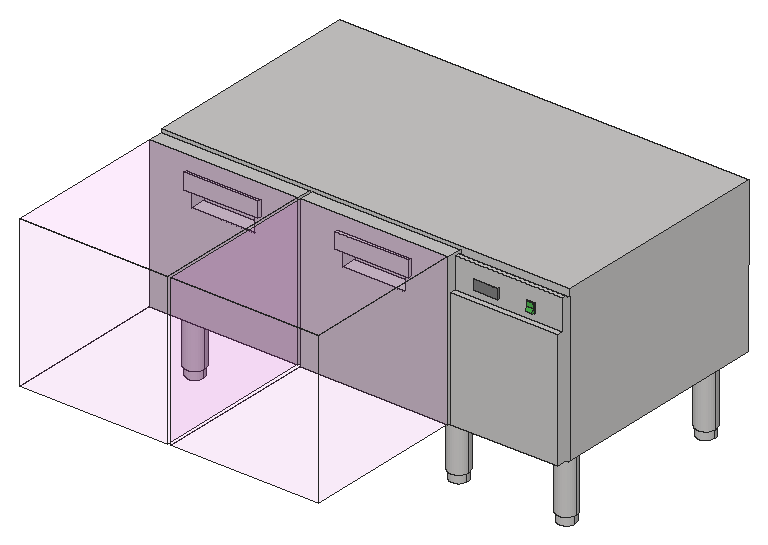
Revit family "QF_ELECTROLUXPROFESSIONAL_371370_E7TTAPCOMIN", category Specialty Equipment, Revit 2018 (continued)
Lines and regions (mm)
  Split face 149
    outline origin (800.396, -348, 142.29) x (0, 0, -1) y (1, 0, 0)
      loop
        arc (-85.025, -242.399) -> (-81.004, -238.41) -> (-85.004, -234.4) r 4
        line (-85.004, -234.4) -> (-117.004, -234.4)
        arc (-117.004, -234.4) -> (-121.004, -238.41) -> (-116.984, -242.399) r 4
        line (-116.984, -242.399) -> (-85.025, -242.399)
  Split face 150
    outline origin (812.396, -348, 142.29) x (0, 0, -1) y (1, 0, 0)
      loop
        arc (-85.025, -242.399) -> (-81.004, -238.41) -> (-85.004, -234.4) r 4
        line (-85.004, -234.4) -> (-117.004, -234.4)
        arc (-117.004, -234.4) -> (-121.004, -238.41) -> (-116.984, -242.399) r 4
        line (-116.984, -242.399) -> (-85.025, -242.399)
  Split face 151
    outline origin (589.5, -348, 142.29) x (0, 0, -1) y (1, 0, 0)
      loop
        arc (-85.025, -282.599) -> (-81.004, -278.61) -> (-85.004, -274.599) r 4
        line (-85.004, -274.599) -> (-117.004, -274.599)
        arc (-117.004, -274.599) -> (-121.004, -278.61) -> (-116.984, -282.599) r 4
        line (-116.984, -282.599) -> (-85.025, -282.599)
  Split face 152
    outline origin (709.396, -348, 412.291) x (0, 0, -1) y (1, 0, 0)
      loop
        arc (-85.025, -282.599) -> (-81.004, -278.61) -> (-85.004, -274.599) r 4
        line (-85.004, -274.599) -> (-117.004, -274.599)
        arc (-117.004, -274.599) -> (-121.004, -278.61) -> (-116.984, -282.599) r 4
        line (-116.984, -282.599) -> (-85.025, -282.599)
  Split face 153
    outline origin (721.397, -348, 412.291) x (0, 0, -1) y (1, 0, 0)
      loop
        arc (-85.025, -282.599) -> (-81.004, -278.61) -> (-85.004, -274.599) r 4
        line (-85.004, -274.599) -> (-117.004, -274.599)
        arc (-117.004, -274.599) -> (-121.004, -278.61) -> (-116.984, -282.599) r 4
        line (-116.984, -282.599) -> (-85.025, -282.599)
  Split face 154
    outline origin (733.396, -348, 412.291) x (0, 0, -1) y (1, 0, 0)
      loop
        arc (-85.025, -282.599) -> (-81.004, -278.61) -> (-85.004, -274.599) r 4
        line (-85.004, -274.599) -> (-117.004, -274.599)
        arc (-117.004, -274.599) -> (-121.004, -278.61) -> (-116.984, -282.599) r 4
        line (-116.984, -282.599) -> (-85.025, -282.599)
  Split face 155
    outline origin (709.396, -348, 367.29) x (0, 0, -1) y (1, 0, 0)
      loop
        arc (-85.025, -282.599) -> (-81.004, -278.61) -> (-85.004, -274.599) r 4
        line (-85.004, -274.599) -> (-117.004, -274.599)
        arc (-117.004, -274.599) -> (-121.004, -278.61) -> (-116.984, -282.599) r 4
        line (-116.984, -282.599) -> (-85.025, -282.599)
  Split face 156
    outline origin (721.397, -348, 367.29) x (0, 0, -1) y (1, 0, 0)
      loop
        arc (-85.025, -282.599) -> (-81.004, -278.61) -> (-85.004, -274.599) r 4
        line (-85.004, -274.599) -> (-117.004, -274.599)
        arc (-117.004, -274.599) -> (-121.004, -278.61) -> (-116.984, -282.599) r 4
        line (-116.984, -282.599) -> (-85.025, -282.599)
  Split face 157
    outline origin (733.396, -348, 367.29) x (0, 0, -1) y (1, 0, 0)
      loop
        arc (-85.025, -282.599) -> (-81.004, -278.61) -> (-85.004, -274.599) r 4
        line (-85.004, -274.599) -> (-117.004, -274.599)
        arc (-117.004, -274.599) -> (-121.004, -278.61) -> (-116.984, -282.599) r 4
        line (-116.984, -282.599) -> (-85.025, -282.599)
  Split face 158
    outline origin (709.396, -348, 322.29) x (0, 0, -1) y (1, 0, 0)
      loop
        arc (-85.025, -282.599) -> (-81.004, -278.61) -> (-85.004, -274.599) r 4
        line (-85.004, -274.599) -> (-117.004, -274.599)
        arc (-117.004, -274.599) -> (-121.004, -278.61) -> (-116.984, -282.599) r 4
        line (-116.984, -282.599) -> (-85.025, -282.599)
  Split face 159
    outline origin (721.397, -348, 322.29) x (0, 0, -1) y (1, 0, 0)
      loop
        arc (-85.025, -282.599) -> (-81.004, -278.61) -> (-85.004, -274.599) r 4
        line (-85.004, -274.599) -> (-117.004, -274.599)
        arc (-117.004, -274.599) -> (-121.004, -278.61) -> (-116.984, -282.599) r 4
        line (-116.984, -282.599) -> (-85.025, -282.599)
  Split face 160
    outline origin (733.396, -348, 322.29) x (0, 0, -1) y (1, 0, 0)
      loop
        arc (-85.025, -282.599) -> (-81.004, -278.61) -> (-85.004, -274.599) r 4
        line (-85.004, -274.599) -> (-117.004, -274.599)
        arc (-117.004, -274.599) -> (-121.004, -278.61) -> (-116.984, -282.599) r 4
        line (-116.984, -282.599) -> (-85.025, -282.599)
  Split face 161
    outline origin (709.396, -348, 277.29) x (0, 0, -1) y (1, 0, 0)
      loop
        arc (-85.025, -282.599) -> (-81.004, -278.61) -> (-85.004, -274.599) r 4
        line (-85.004, -274.599) -> (-117.004, -274.599)
        arc (-117.004, -274.599) -> (-121.004, -278.61) -> (-116.984, -282.599) r 4
        line (-116.984, -282.599) -> (-85.025, -282.599)
  Split face 162
    outline origin (721.397, -348, 277.29) x (0, 0, -1) y (1, 0, 0)
      loop
        arc (-85.025, -282.599) -> (-81.004, -278.61) -> (-85.004, -274.599) r 4
        line (-85.004, -274.599) -> (-117.004, -274.599)
        arc (-117.004, -274.599) -> (-121.004, -278.61) -> (-116.984, -282.599) r 4
        line (-116.984, -282.599) -> (-85.025, -282.599)
  Split face 163
    outline origin (733.396, -348, 277.29) x (0, 0, -1) y (1, 0, 0)
      loop
        arc (-85.025, -282.599) -> (-81.004, -278.61) -> (-85.004, -274.599) r 4
        line (-85.004, -274.599) -> (-117.004, -274.599)
        arc (-117.004, -274.599) -> (-121.004, -278.61) -> (-116.984, -282.599) r 4
        line (-116.984, -282.599) -> (-85.025, -282.599)
  Split face 164
    outline origin (709.396, -348, 232.29) x (0, 0, -1) y (1, 0, 0)
      loop
        arc (-85.025, -282.599) -> (-81.004, -278.61) -> (-85.004, -274.599) r 4
        line (-85.004, -274.599) -> (-117.004, -274.599)
        arc (-117.004, -274.599) -> (-121.004, -278.61) -> (-116.984, -282.599) r 4
        line (-116.984, -282.599) -> (-85.025, -282.599)
  Split face 165
    outline origin (721.397, -348, 232.29) x (0, 0, -1) y (1, 0, 0)
      loop
        arc (-85.025, -282.599) -> (-81.004, -278.61) -> (-85.004, -274.599) r 4
        line (-85.004, -274.599) -> (-117.004, -274.599)
        arc (-117.004, -274.599) -> (-121.004, -278.61) -> (-116.984, -282.599) r 4
        line (-116.984, -282.599) -> (-85.025, -282.599)
  Split face 166
    outline origin (733.396, -348, 232.29) x (0, 0, -1) y (1, 0, 0)
      loop
        arc (-85.025, -282.599) -> (-81.004, -278.61) -> (-85.004, -274.599) r 4
        line (-85.004, -274.599) -> (-117.004, -274.599)
        arc (-117.004, -274.599) -> (-121.004, -278.61) -> (-116.984, -282.599) r 4
        line (-116.984, -282.599) -> (-85.025, -282.599)
  Split face 167
    outline origin (709.396, -348, 187.29) x (0, 0, -1) y (1, 0, 0)
      loop
        arc (-85.025, -282.599) -> (-81.004, -278.61) -> (-85.004, -274.599) r 4
        line (-85.004, -274.599) -> (-117.004, -274.599)
        arc (-117.004, -274.599) -> (-121.004, -278.61) -> (-116.984, -282.599) r 4
        line (-116.984, -282.599) -> (-85.025, -282.599)
  Split face 168
    outline origin (721.397, -348, 187.29) x (0, 0, -1) y (1, 0, 0)
      loop
        arc (-85.025, -282.599) -> (-81.004, -278.61) -> (-85.004, -274.599) r 4
        line (-85.004, -274.599) -> (-117.004, -274.599)
        arc (-117.004, -274.599) -> (-121.004, -278.61) -> (-116.984, -282.599) r 4
        line (-116.984, -282.599) -> (-85.025, -282.599)
  Split face 169
    outline origin (733.396, -348, 187.29) x (0, 0, -1) y (1, 0, 0)
      loop
        arc (-85.025, -282.599) -> (-81.004, -278.61) -> (-85.004, -274.599) r 4
        line (-85.004, -274.599) -> (-117.004, -274.599)
        arc (-117.004, -274.599) -> (-121.004, -278.61) -> (-116.984, -282.599) r 4
        line (-116.984, -282.599) -> (-85.025, -282.599)
  Split face 170
    outline origin (709.396, -348, 142.29) x (0, 0, -1) y (1, 0, 0)
      loop
        arc (-85.025, -282.599) -> (-81.004, -278.61) -> (-85.004, -274.599) r 4
        line (-85.004, -274.599) -> (-117.004, -274.599)
        arc (-117.004, -274.599) -> (-121.004, -278.61) -> (-116.984, -282.599) r 4
        line (-116.984, -282.599) -> (-85.025, -282.599)
  Split face 171
    outline origin (721.397, -348, 142.29) x (0, 0, -1) y (1, 0, 0)
      loop
        arc (-85.025, -282.599) -> (-81.004, -278.61) -> (-85.004, -274.599) r 4
        line (-85.004, -274.599) -> (-117.004, -274.599)
        arc (-117.004, -274.599) -> (-121.004, -278.61) -> (-116.984, -282.599) r 4
        line (-116.984, -282.599) -> (-85.025, -282.599)
  Split face 172
    outline origin (733.396, -348, 142.29) x (0, 0, -1) y (1, 0, 0)
      loop
        arc (-85.025, -282.599) -> (-81.004, -278.61) -> (-85.004, -274.599) r 4
        line (-85.004, -274.599) -> (-117.004, -274.599)
        arc (-117.004, -274.599) -> (-121.004, -278.61) -> (-116.984, -282.599) r 4
        line (-116.984, -282.599) -> (-85.025, -282.599)
  symbolic lines, style "SpecialityEquipmentHiddenLines"
    curve 1: line (-599, 350, 0) -> (599, 350, 0)
    curve 2: line (-599, -348, 0) -> (-599, 350, 0)
    curve 3: line (599, -348, 0) -> (-599, -348, 0)
    curve 4: line (599, 350, 0) -> (599, -348, 0)
    curve 17: line (-599, -303, 0) -> (599, -303, 0)
  symbolic lines, style "QF_Door-Drawer Clearances"
    curve 5: line (-579, -348, 0) -> (-579, -473, 0)
    curve 6: line (-184.999, -473, 0) -> (-184.999, -348, 0)
    curve 7: line (-136.499, -348, 0) -> (-136.499, -473, 0)
    curve 8: line (257.502, -473, 0) -> (257.502, -348, 0)
    curve 9: line (-599, -473, 0) -> (-164.999, -473, 0)
    curve 10: line (-156.499, -473, 0) -> (277.502, -473, 0)
    curve 11: line (-599, -513, 0) -> (-164.999, -513, 0)
    curve 12: line (-156.499, -513, 0) -> (277.502, -513, 0)
    curve 13: line (-164.999, -513, 0) -> (-164.999, -473, 0)
    curve 14: line (-156.499, -473, 0) -> (-156.499, -513, 0)
    curve 15: line (-599, -473, 0) -> (-599, -513, 0)
    curve 16: line (277.502, -513, 0) -> (277.502, -473, 0)
Dimensions and locks
  plane 4 to level = 200 mm
  plane 5 "TOP" to level = 650 mm
  plane 5 "TOP" to plane 4 = 450 mm
  equal spacing: plane 8 "LEFT", plane 3 "Centro (Sinistra/Destra)", plane 9 "RIGHT"
  plane 8 "LEFT" to plane 9 "RIGHT" = 1200 mm
  equal spacing: plane 6 "BACK", plane 1 "Center X", plane 7 "FRONT"
  plane 6 "BACK" to plane 7 "FRONT" = 700 mm
  locked: plane 6 "BACK" to plane 10 at 653
  locked: plane 10 to plane 11 at 45
  locked: plane 8 "LEFT" to plane 12 at 55
  locked: plane 13 to plane 9 "RIGHT" at 55
  locked: plane 12 to plane 14 at 774
  locked: plane 6 "BACK" to plane 15 at 88
  locked: plane 16 to plane 11 at 99
  locked: plane 19 to plane 9 "RIGHT" at 1
  locked: plane 8 "LEFT" to plane 18 at 1
  plane 19 to plane 17 = 313 mm
  locked: plane 6 "BACK" to plane 20 at 160
  plane 21 to plane 9 "RIGHT" = 40 mm
  aligned and locked: level to plane 2
  aligned and locked: plane 12 to nested 1
  aligned and locked: nested 1 to plane 16
  aligned and locked: nested 2 to plane 15
  aligned and locked: plane 14 to nested 3
  aligned and locked: nested 4 to plane 14
  aligned and locked: plane 13 to nested 5
  aligned and locked: nested 6 to plane 13
  aligned and locked: Extrusion 1 sketch curve to plane 6 "BACK"
  aligned and locked: plane 10 to Extrusion 1 sketch curve
  aligned and locked: Extrusion 2 to plane 11
  aligned and locked: Extrusion 10 to plane 11
  aligned and locked: plane 19 to Extrusion 1
  aligned and locked: plane 4 to Extrusion 12
Automatic sketch dimensions
  Extrusion 2 sketch curve to plane 18 = 0 mm
  plane 12 to Extrusion 2 sketch curve = 69.7 mm
  Extrusion 2 sketch curve to Extrusion 2 sketch curve = 186.601 mm
  Extrusion 2 sketch curve to plane 5 "TOP" = 9.006 mm
  Extrusion 2 sketch curve to Extrusion 2 sketch curve = 123.7 mm
  Extrusion 2 sketch curve to plane 5 "TOP" = 65 mm
  Extrusion 2 sketch curve to Extrusion 2 sketch curve = 78.294 mm
  plane 4 to Extrusion 2 sketch curve = 1.587 mm
  Extrusion 2 to Extrusion 3 sketch curve = 0 mm
  Extrusion 3 sketch curve to Extrusion 2 = 0 mm  (x3)
  Extrusion 4 sketch curve to plane 4 = 0 mm
  Extrusion 4 sketch curve to plane 10 = 0 mm
  Extrusion 4 sketch curve to plane 10 = 5.442 mm
  plane 4 to Extrusion 4 sketch curve = 4.796 mm
  Extrusion 4 sketch curve to Extrusion 4 sketch curve = 9.721 mm
  Extrusion 4 sketch curve to plane 10 = 16.763 mm
  Extrusion 4 sketch curve to Extrusion 4 sketch curve = 11.336 mm
  plane 11 to Extrusion 4 sketch curve = 0 mm
  Extrusion 4 sketch curve to plane 5 "TOP" = 100.204 mm
  Extrusion 4 sketch curve to plane 5 "TOP" = 20.473 mm
  Extrusion 4 sketch curve to plane 5 "TOP" = 9.006 mm
  Extrusion 4 to Extrusion 5 sketch curve = 42.198 mm
  Extrusion 5 sketch curve to Extrusion 4 = 20 mm
  Extrusion 4 to Extrusion 5 sketch curve = 102.899 mm
  Extrusion 5 sketch curve to Extrusion 5 sketch curve = 22 mm
  Extrusion 4 to Extrusion 6 sketch curve = 42.198 mm
  Extrusion 6 sketch curve to Extrusion 4 = 20 mm
  Extrusion 4 to Extrusion 6 sketch curve = 54.901 mm
  Extrusion 6 sketch curve to Extrusion 6 sketch curve = 70 mm
  Split face 1 sketch curve to Extrusion 6 = 5 mm
  Split face 1 sketch curve to Extrusion 6 = 9 mm
  Split face 1 sketch curve to Extrusion 6 = 10 mm  (x2)
  Split face 2 sketch curve to Extrusion 6 = 12.5 mm
  Split face 2 sketch curve to Extrusion 6 = 7 mm
  Split face 3 sketch curve to Extrusion 6 = 7.5 mm
  Split face 3 sketch curve to Extrusion 6 = 7 mm
  Split face 4 sketch curve to Extrusion 6 = 11.5 mm
  Split face 4 sketch curve to Extrusion 6 = 7 mm
  Split face 5 sketch curve to Extrusion 6 = 7.5 mm
  Split face 5 sketch curve to Extrusion 6 = 7 mm
  Split face 6 sketch curve to Extrusion 6 = 12.5 mm
  Split face 6 sketch curve to Extrusion 6 = 7 mm
  Split face 7 sketch curve to Extrusion 6 = 11.5 mm
  Split face 7 sketch curve to Extrusion 6 = 7 mm
  Split face 8 sketch curve to Extrusion 6 = 7.047 mm
  Split face 8 sketch curve to Extrusion 6 = 2.047 mm
  Split face 8 sketch curve to Extrusion 6 = 10 mm
  Split face 8 sketch curve to Split face 8 sketch curve = 11 mm
  Split face 9 sketch curve to Extrusion 6 = 7.047 mm
  Split face 9 sketch curve to Extrusion 6 = 2.047 mm
  Split face 9 sketch curve to Extrusion 6 = 23 mm
  Split face 9 sketch curve to Split face 9 sketch curve = 11 mm
  Split face 10 sketch curve to Extrusion 6 = 7.047 mm
  Split face 10 sketch curve to Extrusion 6 = 2.047 mm
  Split face 10 sketch curve to Extrusion 6 = 34 mm
  Split face 10 sketch curve to Split face 10 sketch curve = 11 mm
  Split face 11 sketch curve to Extrusion 6 = 7.047 mm
  Split face 11 sketch curve to Extrusion 6 = 2.047 mm
  Split face 11 sketch curve to Extrusion 6 = 21 mm
  Split face 11 sketch curve to Extrusion 6 = 10 mm
  Extrusion 7 sketch curve to Extrusion 7 sketch curve = 0 mm  (x3)
  Extrusion 7 sketch curve to Extrusion 5 = 0 mm
  Extrusion 5 to Extrusion 7 sketch curve = 2.279 mm
  Extrusion 7 sketch curve to Extrusion 7 sketch curve = 0.116 mm
  Extrusion 7 sketch curve to Extrusion 7 sketch curve = 12.105 mm
  Extrusion 5 to Extrusion 7 sketch curve = 3.692 mm
  Extrusion 5 to Extrusion 7 sketch curve = 2.395 mm
  Split face 12 sketch curve to Extrusion 4 = 20.5 mm
  Split face 12 sketch curve to Split face 12 sketch curve = 0.02 mm  (x2)
  Split face 12 sketch curve to Split face 12 sketch curve = 31.959 mm
  Split face 12 sketch curve to Extrusion 4 = 32.901 mm
  Split face 12 sketch curve to Split face 12 sketch curve = 4 mm
  Split face 13 sketch curve to Extrusion 4 = 20.5 mm
  Split face 13 sketch curve to Split face 13 sketch curve = 0.02 mm  (x2)
  Split face 13 sketch curve to Split face 13 sketch curve = 31.959 mm
  Split face 13 sketch curve to Extrusion 4 = 44.9 mm
  Split face 13 sketch curve to Split face 13 sketch curve = 4 mm
  Split face 14 sketch curve to Extrusion 4 = 20.5 mm
  Split face 14 sketch curve to Split face 14 sketch curve = 0.02 mm  (x2)
  Split face 14 sketch curve to Split face 14 sketch curve = 31.959 mm
  Split face 14 sketch curve to Extrusion 4 = 56.9 mm
  Split face 14 sketch curve to Split face 14 sketch curve = 4 mm
  Split face 15 sketch curve to Extrusion 4 = 20.5 mm
  Split face 15 sketch curve to Split face 15 sketch curve = 0.02 mm  (x2)
  Split face 15 sketch curve to Split face 15 sketch curve = 31.959 mm
  Split face 15 sketch curve to Extrusion 4 = 68.797 mm
  Split face 15 sketch curve to Split face 15 sketch curve = 4 mm
  Split face 16 sketch curve to Extrusion 4 = 20.5 mm
  Split face 16 sketch curve to Split face 16 sketch curve = 0.02 mm  (x2)
  Split face 16 sketch curve to Split face 16 sketch curve = 31.959 mm
  Split face 16 sketch curve to Extrusion 4 = 80.797 mm
  Split face 16 sketch curve to Split face 16 sketch curve = 4 mm
  Split face 17 sketch curve to Extrusion 4 = 20.5 mm
  Split face 17 sketch curve to Split face 17 sketch curve = 0.02 mm  (x2)
  Split face 17 sketch curve to Split face 17 sketch curve = 31.959 mm
  Split face 17 sketch curve to Extrusion 4 = 92.797 mm
  Split face 17 sketch curve to Split face 17 sketch curve = 4 mm
  Split face 18 sketch curve to Extrusion 4 = 20.5 mm
  Split face 18 sketch curve to Split face 18 sketch curve = 0.02 mm  (x2)
  Split face 18 sketch curve to Split face 18 sketch curve = 31.959 mm
  Split face 18 sketch curve to Extrusion 4 = 104.797 mm
  Split face 18 sketch curve to Split face 18 sketch curve = 4 mm
  Split face 19 sketch curve to Extrusion 4 = 20.5 mm
  Split face 19 sketch curve to Split face 19 sketch curve = 0.02 mm  (x2)
  Split face 19 sketch curve to Split face 19 sketch curve = 31.959 mm
  Split face 19 sketch curve to Extrusion 4 = 116.797 mm
  Split face 19 sketch curve to Split face 19 sketch curve = 4 mm
  Split face 20 sketch curve to Extrusion 4 = 20.5 mm
  Split face 20 sketch curve to Split face 20 sketch curve = 0.02 mm  (x2)
  Split face 20 sketch curve to Split face 20 sketch curve = 31.959 mm
  Split face 20 sketch curve to Extrusion 4 = 128.797 mm
  Split face 20 sketch curve to Split face 20 sketch curve = 4 mm
  Split face 21 sketch curve to Extrusion 4 = 20.5 mm
  Split face 21 sketch curve to Split face 21 sketch curve = 0.02 mm  (x2)
  Split face 21 sketch curve to Split face 21 sketch curve = 31.959 mm
  Split face 21 sketch curve to Extrusion 4 = 137.003 mm
  Split face 21 sketch curve to Split face 21 sketch curve = 4 mm
  Split face 22 sketch curve to Extrusion 4 = 20.5 mm
  Split face 22 sketch curve to Split face 22 sketch curve = 0.02 mm  (x2)
  Split face 22 sketch curve to Split face 22 sketch curve = 31.959 mm
  Split face 22 sketch curve to Extrusion 4 = 125.004 mm
  Split face 22 sketch curve to Split face 22 sketch curve = 4 mm
  Split face 23 sketch curve to Extrusion 4 = 20.5 mm
  Split face 23 sketch curve to Split face 23 sketch curve = 0.02 mm  (x2)
  Split face 23 sketch curve to Split face 23 sketch curve = 31.959 mm
  Split face 23 sketch curve to Extrusion 4 = 113.003 mm
  Split face 23 sketch curve to Split face 23 sketch curve = 4 mm
  Split face 24 sketch curve to Extrusion 4 = 20.5 mm
  Split face 24 sketch curve to Split face 24 sketch curve = 0.02 mm  (x2)
  Split face 24 sketch curve to Split face 24 sketch curve = 31.959 mm
  Split face 24 sketch curve to Extrusion 4 = 101.003 mm
  Split face 24 sketch curve to Split face 24 sketch curve = 4 mm
  Split face 25 sketch curve to Extrusion 4 = 20.5 mm
  Split face 25 sketch curve to Split face 25 sketch curve = 0.02 mm  (x2)
  Split face 25 sketch curve to Split face 25 sketch curve = 31.959 mm
  Split face 25 sketch curve to Extrusion 4 = 89.003 mm
  Split face 25 sketch curve to Split face 25 sketch curve = 4 mm
  Split face 26 sketch curve to Extrusion 4 = 20.5 mm
  Split face 26 sketch curve to Split face 26 sketch curve = 0.02 mm  (x2)
  Split face 26 sketch curve to Split face 26 sketch curve = 31.959 mm
  Split face 26 sketch curve to Extrusion 4 = 77.004 mm
  Split face 26 sketch curve to Split face 26 sketch curve = 4 mm
  Split face 27 sketch curve to Extrusion 4 = 20.5 mm
  Split face 27 sketch curve to Split face 27 sketch curve = 0.02 mm  (x2)
  Split face 27 sketch curve to Split face 27 sketch curve = 31.959 mm
  Split face 27 sketch curve to Extrusion 4 = 65.003 mm
  Split face 27 sketch curve to Split face 27 sketch curve = 4 mm
  Split face 28 sketch curve to Extrusion 4 = 20.5 mm
  Split face 28 sketch curve to Split face 28 sketch curve = 0.02 mm  (x2)
  Split face 28 sketch curve to Split face 28 sketch curve = 31.959 mm
  Split face 28 sketch curve to Extrusion 4 = 53.004 mm
  Split face 28 sketch curve to Split face 28 sketch curve = 4 mm
  Split face 29 sketch curve to Extrusion 4 = 20.5 mm
  Split face 29 sketch curve to Split face 29 sketch curve = 0.02 mm  (x2)
  Split face 29 sketch curve to Split face 29 sketch curve = 31.959 mm
  Split face 29 sketch curve to Extrusion 4 = 41.004 mm
  Split face 29 sketch curve to Split face 29 sketch curve = 4 mm
  Split face 30 sketch curve to Extrusion 4 = 20.5 mm
  Split face 30 sketch curve to Split face 30 sketch curve = 0.02 mm  (x2)
  Split face 30 sketch curve to Split face 30 sketch curve = 31.959 mm
  Split face 30 sketch curve to Extrusion 4 = 29.004 mm
  Split face 30 sketch curve to Split face 30 sketch curve = 4 mm
  Split face 31 sketch curve to Extrusion 4 = 20.5 mm
  Split face 31 sketch curve to Split face 31 sketch curve = 0.02 mm  (x2)
  Split face 31 sketch curve to Split face 31 sketch curve = 31.959 mm
  Split face 31 sketch curve to Extrusion 4 = 20.901 mm
  Split face 31 sketch curve to Split face 31 sketch curve = 4 mm
  Split face 32 sketch curve to Extrusion 4 = 65.502 mm
  Split face 32 sketch curve to Split face 32 sketch curve = 0.02 mm  (x2)
  Split face 32 sketch curve to Split face 32 sketch curve = 31.959 mm
  Split face 32 sketch curve to Extrusion 4 = 32.901 mm
  Split face 32 sketch curve to Split face 32 sketch curve = 4 mm
  Split face 33 sketch curve to Extrusion 4 = 65.502 mm
  Split face 33 sketch curve to Split face 33 sketch curve = 0.02 mm  (x2)
  Split face 33 sketch curve to Split face 33 sketch curve = 31.959 mm
  Split face 33 sketch curve to Extrusion 4 = 44.9 mm
  Split face 33 sketch curve to Split face 33 sketch curve = 4 mm
  Split face 34 sketch curve to Extrusion 4 = 65.502 mm
  Split face 34 sketch curve to Split face 34 sketch curve = 0.02 mm  (x2)
  Split face 34 sketch curve to Split face 34 sketch curve = 31.959 mm
  Split face 34 sketch curve to Extrusion 4 = 56.9 mm
  Split face 34 sketch curve to Split face 34 sketch curve = 4 mm
  Split face 35 sketch curve to Extrusion 4 = 65.502 mm
  Split face 35 sketch curve to Split face 35 sketch curve = 0.02 mm  (x2)
  Split face 35 sketch curve to Split face 35 sketch curve = 31.959 mm
  Split face 35 sketch curve to Extrusion 4 = 68.797 mm
  Split face 35 sketch curve to Split face 35 sketch curve = 4 mm
  Split face 36 sketch curve to Extrusion 4 = 65.502 mm
  Split face 36 sketch curve to Split face 36 sketch curve = 0.02 mm  (x2)
  Split face 36 sketch curve to Split face 36 sketch curve = 31.959 mm
  Split face 36 sketch curve to Extrusion 4 = 80.797 mm
  Split face 36 sketch curve to Split face 36 sketch curve = 4 mm
  Split face 37 sketch curve to Extrusion 4 = 65.502 mm
  Split face 37 sketch curve to Split face 37 sketch curve = 0.02 mm  (x2)
  Split face 37 sketch curve to Split face 37 sketch curve = 31.959 mm
  Split face 37 sketch curve to Extrusion 4 = 92.797 mm
  Split face 37 sketch curve to Split face 37 sketch curve = 4 mm
  Split face 38 sketch curve to Extrusion 4 = 65.502 mm
  Split face 38 sketch curve to Split face 38 sketch curve = 0.02 mm  (x2)
  Split face 38 sketch curve to Split face 38 sketch curve = 31.959 mm
  Split face 38 sketch curve to Extrusion 4 = 104.797 mm
  Split face 38 sketch curve to Split face 38 sketch curve = 4 mm
  Split face 39 sketch curve to Extrusion 4 = 65.502 mm
  Split face 39 sketch curve to Split face 39 sketch curve = 0.02 mm  (x2)
  Split face 39 sketch curve to Split face 39 sketch curve = 31.959 mm
  Split face 39 sketch curve to Extrusion 4 = 116.797 mm
  Split face 39 sketch curve to Split face 39 sketch curve = 4 mm
  Split face 40 sketch curve to Extrusion 4 = 65.502 mm
  Split face 40 sketch curve to Split face 40 sketch curve = 0.02 mm  (x2)
  Split face 40 sketch curve to Split face 40 sketch curve = 31.959 mm
  Split face 40 sketch curve to Extrusion 4 = 128.797 mm
  Split face 40 sketch curve to Split face 40 sketch curve = 4 mm
  Split face 41 sketch curve to Extrusion 4 = 65.502 mm
  Split face 41 sketch curve to Split face 41 sketch curve = 0.02 mm  (x2)
  Split face 41 sketch curve to Split face 41 sketch curve = 31.959 mm
  Split face 41 sketch curve to Extrusion 4 = 137.003 mm
  Split face 41 sketch curve to Split face 41 sketch curve = 4 mm
  Split face 42 sketch curve to Extrusion 4 = 65.502 mm
  Split face 42 sketch curve to Split face 42 sketch curve = 0.02 mm  (x2)
  Split face 42 sketch curve to Split face 42 sketch curve = 31.959 mm
  Split face 42 sketch curve to Extrusion 4 = 125.004 mm
  Split face 42 sketch curve to Split face 42 sketch curve = 4 mm
  Split face 43 sketch curve to Extrusion 4 = 65.502 mm
  Split face 43 sketch curve to Split face 43 sketch curve = 0.02 mm  (x2)
  Split face 43 sketch curve to Split face 43 sketch curve = 31.959 mm
  Split face 43 sketch curve to Extrusion 4 = 113.003 mm
  Split face 43 sketch curve to Split face 43 sketch curve = 4 mm
  Split face 44 sketch curve to Extrusion 4 = 65.502 mm
  Split face 44 sketch curve to Split face 44 sketch curve = 0.02 mm  (x2)
  Split face 44 sketch curve to Split face 44 sketch curve = 31.959 mm
  Split face 44 sketch curve to Extrusion 4 = 101.003 mm
  Split face 44 sketch curve to Split face 44 sketch curve = 4 mm
  Split face 45 sketch curve to Extrusion 4 = 65.502 mm
  Split face 45 sketch curve to Split face 45 sketch curve = 0.02 mm  (x2)
  Split face 45 sketch curve to Split face 45 sketch curve = 31.959 mm
  Split face 45 sketch curve to Extrusion 4 = 89.003 mm
  Split face 45 sketch curve to Split face 45 sketch curve = 4 mm
  Split face 46 sketch curve to Extrusion 4 = 65.502 mm
  Split face 46 sketch curve to Split face 46 sketch curve = 0.02 mm  (x2)
  Split face 46 sketch curve to Split face 46 sketch curve = 31.959 mm
  Split face 46 sketch curve to Extrusion 4 = 77.004 mm
  Split face 46 sketch curve to Split face 46 sketch curve = 4 mm
  Split face 47 sketch curve to Extrusion 4 = 65.502 mm
  Split face 47 sketch curve to Split face 47 sketch curve = 0.02 mm  (x2)
  Split face 47 sketch curve to Split face 47 sketch curve = 31.959 mm
  Split face 47 sketch curve to Extrusion 4 = 65.003 mm
  Split face 47 sketch curve to Split face 47 sketch curve = 4 mm
  Split face 48 sketch curve to Extrusion 4 = 65.502 mm
  Split face 48 sketch curve to Split face 48 sketch curve = 0.02 mm  (x2)
  Split face 48 sketch curve to Split face 48 sketch curve = 31.959 mm
  Split face 48 sketch curve to Extrusion 4 = 53.004 mm
  Split face 48 sketch curve to Split face 48 sketch curve = 4 mm
  Split face 49 sketch curve to Extrusion 4 = 65.502 mm
  Split face 49 sketch curve to Split face 49 sketch curve = 0.02 mm  (x2)
  Split face 49 sketch curve to Split face 49 sketch curve = 31.959 mm
  Split face 49 sketch curve to Extrusion 4 = 41.004 mm
  Split face 49 sketch curve to Split face 49 sketch curve = 4 mm
  Split face 50 sketch curve to Extrusion 4 = 25.004 mm
  Split face 50 sketch curve to Extrusion 4 = 65.502 mm
  Split face 50 sketch curve to Split face 50 sketch curve = 0.02 mm  (x2)
  Split face 50 sketch curve to Split face 50 sketch curve = 31.959 mm
  Split face 50 sketch curve to Split face 50 sketch curve = 4 mm
  Split face 51 sketch curve to Extrusion 4 = 24.901 mm
  Split face 51 sketch curve to Extrusion 4 = 65.502 mm
  Split face 51 sketch curve to Split face 51 sketch curve = 0.02 mm  (x2)
  Split face 51 sketch curve to Split face 51 sketch curve = 31.959 mm
  Split face 51 sketch curve to Split face 51 sketch curve = 4 mm
  Split face 52 sketch curve to Extrusion 4 = 36.901 mm
  Split face 52 sketch curve to Extrusion 4 = 110.502 mm
  Split face 52 sketch curve to Split face 52 sketch curve = 0.02 mm  (x2)
  Split face 52 sketch curve to Split face 52 sketch curve = 31.959 mm
  Split face 52 sketch curve to Split face 52 sketch curve = 4 mm
  Split face 53 sketch curve to Extrusion 4 = 48.9 mm
  Split face 53 sketch curve to Extrusion 4 = 110.502 mm
  Split face 53 sketch curve to Split face 53 sketch curve = 0.02 mm  (x2)
  Split face 53 sketch curve to Split face 53 sketch curve = 31.959 mm
  Split face 53 sketch curve to Split face 53 sketch curve = 4 mm
  Split face 54 sketch curve to Extrusion 4 = 110.502 mm
  Split face 54 sketch curve to Split face 54 sketch curve = 0.02 mm  (x2)
  Split face 54 sketch curve to Split face 54 sketch curve = 31.959 mm
  Split face 54 sketch curve to Extrusion 4 = 56.9 mm
  Split face 54 sketch curve to Split face 54 sketch curve = 4 mm
  Split face 55 sketch curve to Extrusion 4 = 110.502 mm
  Split face 55 sketch curve to Split face 55 sketch curve = 0.02 mm  (x2)
  Split face 55 sketch curve to Split face 55 sketch curve = 31.959 mm
  Split face 55 sketch curve to Extrusion 4 = 68.797 mm
  Split face 55 sketch curve to Split face 55 sketch curve = 4 mm
  Split face 56 sketch curve to Extrusion 4 = 110.502 mm
  Split face 56 sketch curve to Split face 56 sketch curve = 0.02 mm  (x2)
  Split face 56 sketch curve to Split face 56 sketch curve = 31.959 mm
  Split face 56 sketch curve to Extrusion 4 = 80.797 mm
  Split face 56 sketch curve to Split face 56 sketch curve = 4 mm
  Split face 57 sketch curve to Extrusion 4 = 110.502 mm
  Split face 57 sketch curve to Split face 57 sketch curve = 0.02 mm  (x2)
  Split face 57 sketch curve to Split face 57 sketch curve = 31.959 mm
  Split face 57 sketch curve to Extrusion 4 = 92.797 mm
  Split face 57 sketch curve to Split face 57 sketch curve = 4 mm
  Split face 58 sketch curve to Extrusion 4 = 110.502 mm
  Split face 58 sketch curve to Split face 58 sketch curve = 0.02 mm  (x2)
  Split face 58 sketch curve to Split face 58 sketch curve = 31.959 mm
  Split face 58 sketch curve to Extrusion 4 = 104.797 mm
  Split face 58 sketch curve to Split face 58 sketch curve = 4 mm
  Split face 59 sketch curve to Extrusion 4 = 110.502 mm
  Split face 59 sketch curve to Split face 59 sketch curve = 0.02 mm  (x2)
  Split face 59 sketch curve to Split face 59 sketch curve = 31.959 mm
  Split face 59 sketch curve to Extrusion 4 = 116.797 mm
  Split face 59 sketch curve to Split face 59 sketch curve = 4 mm
  Split face 60 sketch curve to Extrusion 4 = 110.502 mm
  Split face 60 sketch curve to Split face 60 sketch curve = 0.02 mm  (x2)
  Split face 60 sketch curve to Split face 60 sketch curve = 31.959 mm
  Split face 60 sketch curve to Extrusion 4 = 128.797 mm
  Split face 60 sketch curve to Split face 60 sketch curve = 4 mm
  Split face 61 sketch curve to Extrusion 4 = 110.502 mm
  Split face 61 sketch curve to Split face 61 sketch curve = 0.02 mm  (x2)
  Split face 61 sketch curve to Split face 61 sketch curve = 31.959 mm
  Split face 61 sketch curve to Extrusion 4 = 137.003 mm
  Split face 61 sketch curve to Split face 61 sketch curve = 4 mm
  Split face 62 sketch curve to Extrusion 4 = 110.502 mm
  Split face 62 sketch curve to Split face 62 sketch curve = 0.02 mm  (x2)
  Split face 62 sketch curve to Split face 62 sketch curve = 31.959 mm
  Split face 62 sketch curve to Extrusion 4 = 125.004 mm
  Split face 62 sketch curve to Split face 62 sketch curve = 4 mm
  Split face 63 sketch curve to Extrusion 4 = 110.502 mm
  Split face 63 sketch curve to Split face 63 sketch curve = 0.02 mm  (x2)
  Split face 63 sketch curve to Split face 63 sketch curve = 31.959 mm
  Split face 63 sketch curve to Extrusion 4 = 113.003 mm
  Split face 63 sketch curve to Split face 63 sketch curve = 4 mm
  Split face 64 sketch curve to Extrusion 4 = 110.502 mm
  Split face 64 sketch curve to Split face 64 sketch curve = 0.02 mm  (x2)
  Split face 64 sketch curve to Split face 64 sketch curve = 31.959 mm
  Split face 64 sketch curve to Extrusion 4 = 101.003 mm
  Split face 64 sketch curve to Split face 64 sketch curve = 4 mm
  Split face 65 sketch curve to Extrusion 4 = 110.502 mm
  Split face 65 sketch curve to Split face 65 sketch curve = 0.02 mm  (x2)
  Split face 65 sketch curve to Split face 65 sketch curve = 31.959 mm
  Split face 65 sketch curve to Extrusion 4 = 89.003 mm
  Split face 65 sketch curve to Split face 65 sketch curve = 4 mm
  Split face 66 sketch curve to Extrusion 4 = 110.502 mm
  Split face 66 sketch curve to Split face 66 sketch curve = 0.02 mm  (x2)
  Split face 66 sketch curve to Split face 66 sketch curve = 31.959 mm
  Split face 66 sketch curve to Extrusion 4 = 77.004 mm
  Split face 66 sketch curve to Split face 66 sketch curve = 4 mm
  Split face 67 sketch curve to Extrusion 4 = 110.502 mm
  Split face 67 sketch curve to Split face 67 sketch curve = 0.02 mm  (x2)
  Split face 67 sketch curve to Split face 67 sketch curve = 31.959 mm
  Split face 67 sketch curve to Extrusion 4 = 65.003 mm
  Split face 67 sketch curve to Split face 67 sketch curve = 4 mm
  Split face 68 sketch curve to Extrusion 4 = 49.004 mm
  Split face 68 sketch curve to Extrusion 4 = 110.502 mm
  Split face 68 sketch curve to Split face 68 sketch curve = 0.02 mm  (x2)
  Split face 68 sketch curve to Split face 68 sketch curve = 31.959 mm
  Split face 68 sketch curve to Split face 68 sketch curve = 4 mm
  Split face 69 sketch curve to Extrusion 4 = 37.004 mm
  Split face 69 sketch curve to Extrusion 4 = 110.502 mm
  Split face 69 sketch curve to Split face 69 sketch curve = 0.02 mm  (x2)
  Split face 69 sketch curve to Split face 69 sketch curve = 31.959 mm
  Split face 69 sketch curve to Split face 69 sketch curve = 4 mm
  Split face 70 sketch curve to Extrusion 4 = 25.004 mm
  Split face 70 sketch curve to Extrusion 4 = 110.502 mm
  Split face 70 sketch curve to Split face 70 sketch curve = 0.02 mm  (x2)
  Split face 70 sketch curve to Split face 70 sketch curve = 31.959 mm
  Split face 70 sketch curve to Split face 70 sketch curve = 4 mm
  Split face 71 sketch curve to Extrusion 4 = 24.901 mm
  Split face 71 sketch curve to Extrusion 4 = 110.502 mm
  Split face 71 sketch curve to Split face 71 sketch curve = 0.02 mm  (x2)
  Split face 71 sketch curve to Split face 71 sketch curve = 31.959 mm
  Split face 71 sketch curve to Split face 71 sketch curve = 4 mm
  Split face 72 sketch curve to Extrusion 4 = 36.901 mm
  Split face 72 sketch curve to Extrusion 4 = 155.502 mm
  Split face 72 sketch curve to Split face 72 sketch curve = 0.02 mm  (x2)
  Split face 72 sketch curve to Split face 72 sketch curve = 31.959 mm
  Split face 72 sketch curve to Split face 72 sketch curve = 4 mm
  Split face 73 sketch curve to Extrusion 4 = 48.9 mm
  Split face 73 sketch curve to Extrusion 4 = 155.502 mm
  Split face 73 sketch curve to Split face 73 sketch curve = 0.02 mm  (x2)
  Split face 73 sketch curve to Split face 73 sketch curve = 31.959 mm
  Split face 73 sketch curve to Split face 73 sketch curve = 4 mm
  Split face 74 sketch curve to Extrusion 4 = 60.9 mm
  Split face 74 sketch curve to Extrusion 4 = 155.502 mm
  Split face 74 sketch curve to Split face 74 sketch curve = 0.02 mm  (x2)
  Split face 74 sketch curve to Split face 74 sketch curve = 31.959 mm
  Split face 74 sketch curve to Split face 74 sketch curve = 4 mm
  Split face 75 sketch curve to Extrusion 4 = 72.797 mm
  Split face 75 sketch curve to Extrusion 4 = 155.502 mm
  Split face 75 sketch curve to Split face 75 sketch curve = 0.02 mm  (x2)
  Split face 75 sketch curve to Split face 75 sketch curve = 31.959 mm
  Split face 75 sketch curve to Split face 75 sketch curve = 4 mm
  Split face 76 sketch curve to Extrusion 4 = 155.502 mm
  Split face 76 sketch curve to Split face 76 sketch curve = 0.02 mm  (x2)
  Split face 76 sketch curve to Split face 76 sketch curve = 31.959 mm
  Split face 76 sketch curve to Extrusion 4 = 80.797 mm
  Split face 76 sketch curve to Split face 76 sketch curve = 4 mm
  Split face 77 sketch curve to Extrusion 4 = 155.502 mm
  Split face 77 sketch curve to Split face 77 sketch curve = 0.02 mm  (x2)
  Split face 77 sketch curve to Split face 77 sketch curve = 31.959 mm
  Split face 77 sketch curve to Extrusion 4 = 92.797 mm
  Split face 77 sketch curve to Split face 77 sketch curve = 4 mm
  Split face 78 sketch curve to Extrusion 4 = 155.502 mm
  Split face 78 sketch curve to Split face 78 sketch curve = 0.02 mm  (x2)
  Split face 78 sketch curve to Split face 78 sketch curve = 31.959 mm
  Split face 78 sketch curve to Extrusion 4 = 104.797 mm
  Split face 78 sketch curve to Split face 78 sketch curve = 4 mm
  Split face 79 sketch curve to Extrusion 4 = 155.502 mm
  Split face 79 sketch curve to Split face 79 sketch curve = 0.02 mm  (x2)
  Split face 79 sketch curve to Split face 79 sketch curve = 31.959 mm
  Split face 79 sketch curve to Extrusion 4 = 116.797 mm
  Split face 79 sketch curve to Split face 79 sketch curve = 4 mm
  Split face 80 sketch curve to Extrusion 4 = 155.502 mm
  Split face 80 sketch curve to Split face 80 sketch curve = 0.02 mm  (x2)
  Split face 80 sketch curve to Split face 80 sketch curve = 31.959 mm
  Split face 80 sketch curve to Extrusion 4 = 128.797 mm
  Split face 80 sketch curve to Split face 80 sketch curve = 4 mm
  Split face 81 sketch curve to Extrusion 4 = 155.502 mm
  Split face 81 sketch curve to Split face 81 sketch curve = 0.02 mm  (x2)
  Split face 81 sketch curve to Split face 81 sketch curve = 31.959 mm
  Split face 81 sketch curve to Extrusion 4 = 137.003 mm
  Split face 81 sketch curve to Split face 81 sketch curve = 4 mm
  Split face 82 sketch curve to Extrusion 4 = 155.502 mm
  Split face 82 sketch curve to Split face 82 sketch curve = 0.02 mm  (x2)
  Split face 82 sketch curve to Split face 82 sketch curve = 31.959 mm
  Split face 82 sketch curve to Extrusion 4 = 125.004 mm
  Split face 82 sketch curve to Split face 82 sketch curve = 4 mm
  Split face 83 sketch curve to Extrusion 4 = 155.502 mm
  Split face 83 sketch curve to Split face 83 sketch curve = 0.02 mm  (x2)
  Split face 83 sketch curve to Split face 83 sketch curve = 31.959 mm
  Split face 83 sketch curve to Extrusion 4 = 113.003 mm
  Split face 83 sketch curve to Split face 83 sketch curve = 4 mm
  Split face 84 sketch curve to Extrusion 4 = 155.502 mm
  Split face 84 sketch curve to Split face 84 sketch curve = 0.02 mm  (x2)
  Split face 84 sketch curve to Split face 84 sketch curve = 31.959 mm
  Split face 84 sketch curve to Extrusion 4 = 101.003 mm
  Split face 84 sketch curve to Split face 84 sketch curve = 4 mm
  Split face 85 sketch curve to Extrusion 4 = 155.502 mm
  Split face 85 sketch curve to Split face 85 sketch curve = 0.02 mm  (x2)
  Split face 85 sketch curve to Split face 85 sketch curve = 31.959 mm
  Split face 85 sketch curve to Extrusion 4 = 89.003 mm
  Split face 85 sketch curve to Split face 85 sketch curve = 4 mm
  Split face 86 sketch curve to Extrusion 4 = 73.004 mm
  Split face 86 sketch curve to Extrusion 4 = 155.502 mm
  Split face 86 sketch curve to Split face 86 sketch curve = 0.02 mm  (x2)
  Split face 86 sketch curve to Split face 86 sketch curve = 31.959 mm
  Split face 86 sketch curve to Split face 86 sketch curve = 4 mm
  Split face 87 sketch curve to Extrusion 4 = 61.003 mm
  Split face 87 sketch curve to Extrusion 4 = 155.502 mm
  Split face 87 sketch curve to Split face 87 sketch curve = 0.02 mm  (x2)
  Split face 87 sketch curve to Split face 87 sketch curve = 31.959 mm
  Split face 87 sketch curve to Split face 87 sketch curve = 4 mm
  Split face 88 sketch curve to Extrusion 4 = 49.004 mm
  Split face 88 sketch curve to Extrusion 4 = 155.502 mm
  Split face 88 sketch curve to Split face 88 sketch curve = 0.02 mm  (x2)
  Split face 88 sketch curve to Split face 88 sketch curve = 31.959 mm
  Split face 88 sketch curve to Split face 88 sketch curve = 4 mm
  Split face 89 sketch curve to Extrusion 4 = 37.004 mm
  Split face 89 sketch curve to Extrusion 4 = 155.502 mm
  Split face 89 sketch curve to Split face 89 sketch curve = 0.02 mm  (x2)
  Split face 89 sketch curve to Split face 89 sketch curve = 31.959 mm
  Split face 89 sketch curve to Split face 89 sketch curve = 4 mm
  Split face 90 sketch curve to Extrusion 4 = 25.004 mm
  Split face 90 sketch curve to Extrusion 4 = 155.502 mm
  Split face 90 sketch curve to Split face 90 sketch curve = 0.02 mm  (x2)
  Split face 90 sketch curve to Split face 90 sketch curve = 31.959 mm
  Split face 90 sketch curve to Split face 90 sketch curve = 4 mm
  Split face 91 sketch curve to Extrusion 4 = 24.901 mm
  Split face 91 sketch curve to Extrusion 4 = 155.502 mm
  Split face 91 sketch curve to Split face 91 sketch curve = 0.02 mm  (x2)
  Split face 91 sketch curve to Split face 91 sketch curve = 31.959 mm
  Split face 91 sketch curve to Split face 91 sketch curve = 4 mm
  Split face 92 sketch curve to Extrusion 4 = 36.901 mm
  Split face 92 sketch curve to Extrusion 4 = 144.498 mm
  Split face 92 sketch curve to Split face 92 sketch curve = 0.02 mm  (x2)
  Split face 92 sketch curve to Split face 92 sketch curve = 31.959 mm
  Split face 92 sketch curve to Split face 92 sketch curve = 4 mm
  Split face 93 sketch curve to Extrusion 4 = 48.9 mm
  Split face 93 sketch curve to Extrusion 4 = 144.498 mm
  Split face 93 sketch curve to Split face 93 sketch curve = 0.02 mm  (x2)
  Split face 93 sketch curve to Split face 93 sketch curve = 31.959 mm
  Split face 93 sketch curve to Split face 93 sketch curve = 4 mm
  Split face 94 sketch curve to Extrusion 4 = 60.9 mm
  Split face 94 sketch curve to Extrusion 4 = 144.498 mm
  Split face 94 sketch curve to Split face 94 sketch curve = 0.02 mm  (x2)
  Split face 94 sketch curve to Split face 94 sketch curve = 31.959 mm
  Split face 94 sketch curve to Split face 94 sketch curve = 4 mm
  Split face 95 sketch curve to Extrusion 4 = 144.498 mm
  Split face 95 sketch curve to Split face 95 sketch curve = 0.02 mm  (x2)
  Split face 95 sketch curve to Split face 95 sketch curve = 31.959 mm
  Split face 95 sketch curve to Extrusion 4 = 68.797 mm
  Split face 95 sketch curve to Split face 95 sketch curve = 4 mm
  Split face 96 sketch curve to Extrusion 4 = 144.498 mm
  Split face 96 sketch curve to Split face 96 sketch curve = 0.02 mm  (x2)
  Split face 96 sketch curve to Split face 96 sketch curve = 31.959 mm
  Split face 96 sketch curve to Extrusion 4 = 80.797 mm
  Split face 96 sketch curve to Split face 96 sketch curve = 4 mm
  Split face 97 sketch curve to Extrusion 4 = 144.498 mm
  Split face 97 sketch curve to Split face 97 sketch curve = 0.02 mm  (x2)
  Split face 97 sketch curve to Split face 97 sketch curve = 31.959 mm
  Split face 97 sketch curve to Extrusion 4 = 92.797 mm
  Split face 97 sketch curve to Split face 97 sketch curve = 4 mm
  Split face 98 sketch curve to Extrusion 4 = 144.498 mm
  Split face 98 sketch curve to Split face 98 sketch curve = 0.02 mm  (x2)
  Split face 98 sketch curve to Split face 98 sketch curve = 31.959 mm
  Split face 98 sketch curve to Extrusion 4 = 104.797 mm
  Split face 98 sketch curve to Split face 98 sketch curve = 4 mm
  Split face 99 sketch curve to Extrusion 4 = 144.498 mm
  Split face 99 sketch curve to Split face 99 sketch curve = 0.02 mm  (x2)
  Split face 99 sketch curve to Split face 99 sketch curve = 31.959 mm
  Split face 99 sketch curve to Extrusion 4 = 116.797 mm
  Split face 99 sketch curve to Split face 99 sketch curve = 4 mm
  Split face 100 sketch curve to Extrusion 4 = 144.498 mm
  Split face 100 sketch curve to Split face 100 sketch curve = 0.02 mm  (x2)
  Split face 100 sketch curve to Split face 100 sketch curve = 31.959 mm
  Split face 100 sketch curve to Extrusion 4 = 128.797 mm
  Split face 100 sketch curve to Split face 100 sketch curve = 4 mm
  Split face 101 sketch curve to Extrusion 4 = 144.498 mm
  Split face 101 sketch curve to Split face 101 sketch curve = 0.02 mm  (x2)
  Split face 101 sketch curve to Split face 101 sketch curve = 31.959 mm
  Split face 101 sketch curve to Extrusion 4 = 137.003 mm
  Split face 101 sketch curve to Split face 101 sketch curve = 4 mm
  Split face 102 sketch curve to Extrusion 4 = 144.498 mm
  Split face 102 sketch curve to Split face 102 sketch curve = 0.02 mm  (x2)
  Split face 102 sketch curve to Split face 102 sketch curve = 31.959 mm
  Split face 102 sketch curve to Extrusion 4 = 125.004 mm
  Split face 102 sketch curve to Split face 102 sketch curve = 4 mm
  Split face 103 sketch curve to Extrusion 4 = 144.498 mm
  Split face 103 sketch curve to Split face 103 sketch curve = 0.02 mm  (x2)
  Split face 103 sketch curve to Split face 103 sketch curve = 31.959 mm
  Split face 103 sketch curve to Extrusion 4 = 113.003 mm
  Split face 103 sketch curve to Split face 103 sketch curve = 4 mm
  Split face 104 sketch curve to Extrusion 4 = 144.498 mm
  Split face 104 sketch curve to Split face 104 sketch curve = 0.02 mm  (x2)
  Split face 104 sketch curve to Split face 104 sketch curve = 31.959 mm
  Split face 104 sketch curve to Extrusion 4 = 101.003 mm
  Split face 104 sketch curve to Split face 104 sketch curve = 4 mm
  Split face 105 sketch curve to Extrusion 4 = 144.498 mm
  Split face 105 sketch curve to Split face 105 sketch curve = 0.02 mm  (x2)
  Split face 105 sketch curve to Split face 105 sketch curve = 31.959 mm
  Split face 105 sketch curve to Extrusion 4 = 89.003 mm
  Split face 105 sketch curve to Split face 105 sketch curve = 4 mm
  Split face 106 sketch curve to Extrusion 4 = 144.498 mm
  Split face 106 sketch curve to Split face 106 sketch curve = 0.02 mm  (x2)
  Split face 106 sketch curve to Split face 106 sketch curve = 31.959 mm
  Split face 106 sketch curve to Extrusion 4 = 77.004 mm
  Split face 106 sketch curve to Split face 106 sketch curve = 4 mm
  Split face 107 sketch curve to Extrusion 4 = 61.003 mm
  Split face 107 sketch curve to Extrusion 4 = 144.498 mm
  Split face 107 sketch curve to Split face 107 sketch curve = 0.02 mm  (x2)
  Split face 107 sketch curve to Split face 107 sketch curve = 31.959 mm
  Split face 107 sketch curve to Split face 107 sketch curve = 4 mm
  Split face 108 sketch curve to Extrusion 4 = 49.004 mm
  Split face 108 sketch curve to Extrusion 4 = 144.498 mm
  Split face 108 sketch curve to Split face 108 sketch curve = 0.02 mm  (x2)
  Split face 108 sketch curve to Split face 108 sketch curve = 31.959 mm
  Split face 108 sketch curve to Split face 108 sketch curve = 4 mm
  Split face 109 sketch curve to Extrusion 4 = 37.004 mm
  Split face 109 sketch curve to Extrusion 4 = 144.498 mm
  Split face 109 sketch curve to Split face 109 sketch curve = 0.02 mm  (x2)
  Split face 109 sketch curve to Split face 109 sketch curve = 31.959 mm
  Split face 109 sketch curve to Split face 109 sketch curve = 4 mm
  Split face 110 sketch curve to Extrusion 4 = 25.004 mm
  Split face 110 sketch curve to Extrusion 4 = 144.498 mm
  Split face 110 sketch curve to Split face 110 sketch curve = 0.02 mm  (x2)
  Split face 110 sketch curve to Split face 110 sketch curve = 31.959 mm
  Split face 110 sketch curve to Split face 110 sketch curve = 4 mm
  Split face 111 sketch curve to Extrusion 4 = 24.901 mm
  Split face 111 sketch curve to Extrusion 4 = 144.498 mm
  Split face 111 sketch curve to Split face 111 sketch curve = 0.02 mm  (x2)
  Split face 111 sketch curve to Split face 111 sketch curve = 31.959 mm
  Split face 111 sketch curve to Split face 111 sketch curve = 4 mm
  Split face 112 sketch curve to Extrusion 4 = 36.901 mm
  Split face 112 sketch curve to Extrusion 4 = 99.499 mm
  Split face 112 sketch curve to Split face 112 sketch curve = 0.02 mm  (x2)
  Split face 112 sketch curve to Split face 112 sketch curve = 31.959 mm
  Split face 112 sketch curve to Split face 112 sketch curve = 4 mm
  Split face 113 sketch curve to Extrusion 4 = 48.9 mm
  Split face 113 sketch curve to Extrusion 4 = 99.499 mm
  Split face 113 sketch curve to Split face 113 sketch curve = 0.02 mm  (x2)
  Split face 113 sketch curve to Split face 113 sketch curve = 31.959 mm
  Split face 113 sketch curve to Split face 113 sketch curve = 4 mm
  Split face 114 sketch curve to Extrusion 4 = 99.499 mm
  Split face 114 sketch curve to Split face 114 sketch curve = 0.02 mm  (x2)
  Split face 114 sketch curve to Split face 114 sketch curve = 31.959 mm
  Split face 114 sketch curve to Extrusion 4 = 56.9 mm
  Split face 114 sketch curve to Split face 114 sketch curve = 4 mm
  Split face 115 sketch curve to Extrusion 4 = 99.499 mm
  Split face 115 sketch curve to Split face 115 sketch curve = 0.02 mm  (x2)
  Split face 115 sketch curve to Split face 115 sketch curve = 31.959 mm
  Split face 115 sketch curve to Extrusion 4 = 68.797 mm
  Split face 115 sketch curve to Split face 115 sketch curve = 4 mm
  Split face 116 sketch curve to Extrusion 4 = 99.499 mm
  Split face 116 sketch curve to Split face 116 sketch curve = 0.02 mm  (x2)
  Split face 116 sketch curve to Split face 116 sketch curve = 31.959 mm
  Split face 116 sketch curve to Extrusion 4 = 80.797 mm
  Split face 116 sketch curve to Split face 116 sketch curve = 4 mm
  Split face 117 sketch curve to Extrusion 4 = 99.499 mm
  Split face 117 sketch curve to Split face 117 sketch curve = 0.02 mm  (x2)
  Split face 117 sketch curve to Split face 117 sketch curve = 31.959 mm
  Split face 117 sketch curve to Extrusion 4 = 92.797 mm
  Split face 117 sketch curve to Split face 117 sketch curve = 4 mm
  Split face 118 sketch curve to Extrusion 4 = 99.499 mm
  Split face 118 sketch curve to Split face 118 sketch curve = 0.02 mm  (x2)
  Split face 118 sketch curve to Split face 118 sketch curve = 31.959 mm
  Split face 118 sketch curve to Extrusion 4 = 104.797 mm
  Split face 118 sketch curve to Split face 118 sketch curve = 4 mm
  Split face 119 sketch curve to Extrusion 4 = 99.499 mm
  Split face 119 sketch curve to Split face 119 sketch curve = 0.02 mm  (x2)
  Split face 119 sketch curve to Split face 119 sketch curve = 31.959 mm
  Split face 119 sketch curve to Extrusion 4 = 116.797 mm
  Split face 119 sketch curve to Split face 119 sketch curve = 4 mm
  Split face 120 sketch curve to Extrusion 4 = 99.499 mm
  Split face 120 sketch curve to Split face 120 sketch curve = 0.02 mm  (x2)
  Split face 120 sketch curve to Split face 120 sketch curve = 31.959 mm
  Split face 120 sketch curve to Extrusion 4 = 128.797 mm
  Split face 120 sketch curve to Split face 120 sketch curve = 4 mm
  Split face 121 sketch curve to Extrusion 4 = 99.499 mm
  Split face 121 sketch curve to Split face 121 sketch curve = 0.02 mm  (x2)
  Split face 121 sketch curve to Split face 121 sketch curve = 31.959 mm
  Split face 121 sketch curve to Extrusion 4 = 137.003 mm
  Split face 121 sketch curve to Split face 121 sketch curve = 4 mm
  Split face 122 sketch curve to Extrusion 4 = 99.499 mm
  Split face 122 sketch curve to Split face 122 sketch curve = 0.02 mm  (x2)
  Split face 122 sketch curve to Split face 122 sketch curve = 31.959 mm
  Split face 122 sketch curve to Extrusion 4 = 125.004 mm
  Split face 122 sketch curve to Split face 122 sketch curve = 4 mm
  Split face 123 sketch curve to Extrusion 4 = 99.499 mm
  Split face 123 sketch curve to Split face 123 sketch curve = 0.02 mm  (x2)
  Split face 123 sketch curve to Split face 123 sketch curve = 31.959 mm
  Split face 123 sketch curve to Extrusion 4 = 113.003 mm
  Split face 123 sketch curve to Split face 123 sketch curve = 4 mm
  Split face 124 sketch curve to Extrusion 4 = 99.499 mm
  Split face 124 sketch curve to Split face 124 sketch curve = 0.02 mm  (x2)
  Split face 124 sketch curve to Split face 124 sketch curve = 31.959 mm
  Split face 124 sketch curve to Extrusion 4 = 101.003 mm
  Split face 124 sketch curve to Split face 124 sketch curve = 4 mm
  Split face 125 sketch curve to Extrusion 4 = 99.499 mm
  Split face 125 sketch curve to Split face 125 sketch curve = 0.02 mm  (x2)
  Split face 125 sketch curve to Split face 125 sketch curve = 31.959 mm
  Split face 125 sketch curve to Extrusion 4 = 89.003 mm
  Split face 125 sketch curve to Split face 125 sketch curve = 4 mm
  Split face 126 sketch curve to Extrusion 4 = 99.499 mm
  Split face 126 sketch curve to Split face 126 sketch curve = 0.02 mm  (x2)
  Split face 126 sketch curve to Split face 126 sketch curve = 31.959 mm
  Split face 126 sketch curve to Extrusion 4 = 77.004 mm
  Split face 126 sketch curve to Split face 126 sketch curve = 4 mm
  Split face 127 sketch curve to Extrusion 4 = 99.499 mm
  Split face 127 sketch curve to Split face 127 sketch curve = 0.02 mm  (x2)
  Split face 127 sketch curve to Split face 127 sketch curve = 31.959 mm
  Split face 127 sketch curve to Extrusion 4 = 65.003 mm
  Split face 127 sketch curve to Split face 127 sketch curve = 4 mm
  Split face 128 sketch curve to Extrusion 4 = 49.004 mm
  Split face 128 sketch curve to Extrusion 4 = 99.499 mm
  Split face 128 sketch curve to Split face 128 sketch curve = 0.02 mm  (x2)
  Split face 128 sketch curve to Split face 128 sketch curve = 31.959 mm
  Split face 128 sketch curve to Split face 128 sketch curve = 4 mm
  Split face 129 sketch curve to Extrusion 4 = 37.004 mm
  Split face 129 sketch curve to Extrusion 4 = 99.499 mm
  Split face 129 sketch curve to Split face 129 sketch curve = 0.02 mm  (x2)
  Split face 129 sketch curve to Split face 129 sketch curve = 31.959 mm
  Split face 129 sketch curve to Split face 129 sketch curve = 4 mm
  Split face 130 sketch curve to Extrusion 4 = 25.004 mm
  Split face 130 sketch curve to Extrusion 4 = 99.499 mm
  Split face 130 sketch curve to Split face 130 sketch curve = 0.02 mm  (x2)
  Split face 130 sketch curve to Split face 130 sketch curve = 31.959 mm
  Split face 130 sketch curve to Split face 130 sketch curve = 4 mm
  Split face 131 sketch curve to Extrusion 4 = 24.901 mm
  Split face 131 sketch curve to Extrusion 4 = 99.499 mm
  Split face 131 sketch curve to Split face 131 sketch curve = 0.02 mm  (x2)
  Split face 131 sketch curve to Split face 131 sketch curve = 31.959 mm
  Split face 131 sketch curve to Split face 131 sketch curve = 4 mm
  Split face 132 sketch curve to Extrusion 4 = 54.499 mm
  Split face 132 sketch curve to Split face 132 sketch curve = 0.02 mm  (x2)
  Split face 132 sketch curve to Extrusion 4 = 22.519 mm
  Split face 132 sketch curve to Extrusion 4 = 32.901 mm
  Split face 132 sketch curve to Split face 132 sketch curve = 4 mm
  Split face 133 sketch curve to Extrusion 4 = 54.499 mm
  Split face 133 sketch curve to Split face 133 sketch curve = 0.02 mm  (x2)
  Split face 133 sketch curve to Extrusion 4 = 22.519 mm
  Split face 133 sketch curve to Extrusion 4 = 44.9 mm
  Split face 133 sketch curve to Split face 133 sketch curve = 4 mm
  Split face 134 sketch curve to Extrusion 4 = 54.499 mm
  Split face 134 sketch curve to Split face 134 sketch curve = 0.02 mm  (x2)
  Split face 134 sketch curve to Extrusion 4 = 22.519 mm
  Split face 134 sketch curve to Extrusion 4 = 56.9 mm
  Split face 134 sketch curve to Split face 134 sketch curve = 4 mm
  Split face 135 sketch curve to Extrusion 4 = 54.499 mm
  Split face 135 sketch curve to Split face 135 sketch curve = 0.02 mm  (x2)
  Split face 135 sketch curve to Extrusion 4 = 22.519 mm
  Split face 135 sketch curve to Extrusion 4 = 68.797 mm
  Split face 135 sketch curve to Split face 135 sketch curve = 4 mm
  Split face 136 sketch curve to Extrusion 4 = 54.499 mm
  Split face 136 sketch curve to Split face 136 sketch curve = 0.02 mm  (x2)
  Split face 136 sketch curve to Extrusion 4 = 22.519 mm
  Split face 136 sketch curve to Extrusion 4 = 80.797 mm
  Split face 136 sketch curve to Split face 136 sketch curve = 4 mm
  Split face 137 sketch curve to Extrusion 4 = 54.499 mm
  Split face 137 sketch curve to Split face 137 sketch curve = 0.02 mm  (x2)
  Split face 137 sketch curve to Extrusion 4 = 22.519 mm
  Split face 137 sketch curve to Extrusion 4 = 92.797 mm
  Split face 137 sketch curve to Split face 137 sketch curve = 4 mm
  Split face 138 sketch curve to Extrusion 4 = 54.499 mm
  Split face 138 sketch curve to Split face 138 sketch curve = 0.02 mm  (x2)
  Split face 138 sketch curve to Extrusion 4 = 22.519 mm
  Split face 138 sketch curve to Extrusion 4 = 104.797 mm
  Split face 138 sketch curve to Split face 138 sketch curve = 4 mm
  Split face 139 sketch curve to Extrusion 4 = 54.499 mm
  Split face 139 sketch curve to Split face 139 sketch curve = 0.02 mm  (x2)
  Split face 139 sketch curve to Extrusion 4 = 22.519 mm
  Split face 139 sketch curve to Extrusion 4 = 116.797 mm
  Split face 139 sketch curve to Split face 139 sketch curve = 4 mm
  Split face 140 sketch curve to Extrusion 4 = 54.499 mm
  Split face 140 sketch curve to Split face 140 sketch curve = 0.02 mm  (x2)
  Split face 140 sketch curve to Extrusion 4 = 22.519 mm
  Split face 140 sketch curve to Extrusion 4 = 128.797 mm
  Split face 140 sketch curve to Split face 140 sketch curve = 4 mm
  Split face 141 sketch curve to Extrusion 4 = 54.499 mm
  Split face 141 sketch curve to Split face 141 sketch curve = 0.02 mm  (x2)
  Split face 141 sketch curve to Extrusion 4 = 22.519 mm
  Split face 141 sketch curve to Extrusion 4 = 137.003 mm
  Split face 141 sketch curve to Split face 141 sketch curve = 4 mm
  Split face 142 sketch curve to Extrusion 4 = 54.499 mm
  Split face 142 sketch curve to Split face 142 sketch curve = 0.02 mm  (x2)
  Split face 142 sketch curve to Extrusion 4 = 22.519 mm
  Split face 142 sketch curve to Extrusion 4 = 125.004 mm
  Split face 142 sketch curve to Split face 142 sketch curve = 4 mm
  Split face 143 sketch curve to Extrusion 4 = 54.499 mm
  Split face 143 sketch curve to Split face 143 sketch curve = 0.02 mm  (x2)
  Split face 143 sketch curve to Extrusion 4 = 22.519 mm
  Split face 143 sketch curve to Extrusion 4 = 113.003 mm
  Split face 143 sketch curve to Split face 143 sketch curve = 4 mm
  Split face 144 sketch curve to Extrusion 4 = 54.499 mm
  Split face 144 sketch curve to Split face 144 sketch curve = 0.02 mm  (x2)
  Split face 144 sketch curve to Extrusion 4 = 22.519 mm
  Split face 144 sketch curve to Extrusion 4 = 101.003 mm
  Split face 144 sketch curve to Split face 144 sketch curve = 4 mm
  Split face 145 sketch curve to Extrusion 4 = 54.499 mm
  Split face 145 sketch curve to Split face 145 sketch curve = 0.02 mm  (x2)
  Split face 145 sketch curve to Extrusion 4 = 22.519 mm
  Split face 145 sketch curve to Extrusion 4 = 89.003 mm
  Split face 145 sketch curve to Split face 145 sketch curve = 4 mm
  Split face 146 sketch curve to Extrusion 4 = 54.499 mm
  Split face 146 sketch curve to Split face 146 sketch curve = 0.02 mm  (x2)
  Split face 146 sketch curve to Extrusion 4 = 22.519 mm
  Split face 146 sketch curve to Extrusion 4 = 77.004 mm
  Split face 146 sketch curve to Split face 146 sketch curve = 4 mm
  Split face 147 sketch curve to Extrusion 4 = 54.499 mm
  Split face 147 sketch curve to Split face 147 sketch curve = 0.02 mm  (x2)
  Split face 147 sketch curve to Extrusion 4 = 22.519 mm
  Split face 147 sketch curve to Extrusion 4 = 65.003 mm
  Split face 147 sketch curve to Split face 147 sketch curve = 4 mm
  Split face 148 sketch curve to Extrusion 4 = 54.499 mm
  Split face 148 sketch curve to Split face 148 sketch curve = 0.02 mm  (x2)
  Split face 148 sketch curve to Extrusion 4 = 22.519 mm
  Split face 148 sketch curve to Extrusion 4 = 53.004 mm
  Split face 148 sketch curve to Split face 148 sketch curve = 4 mm
  Split face 149 sketch curve to Extrusion 4 = 54.499 mm
  Split face 149 sketch curve to Split face 149 sketch curve = 0.02 mm  (x2)
  Split face 149 sketch curve to Extrusion 4 = 22.519 mm
  Split face 149 sketch curve to Extrusion 4 = 41.004 mm
